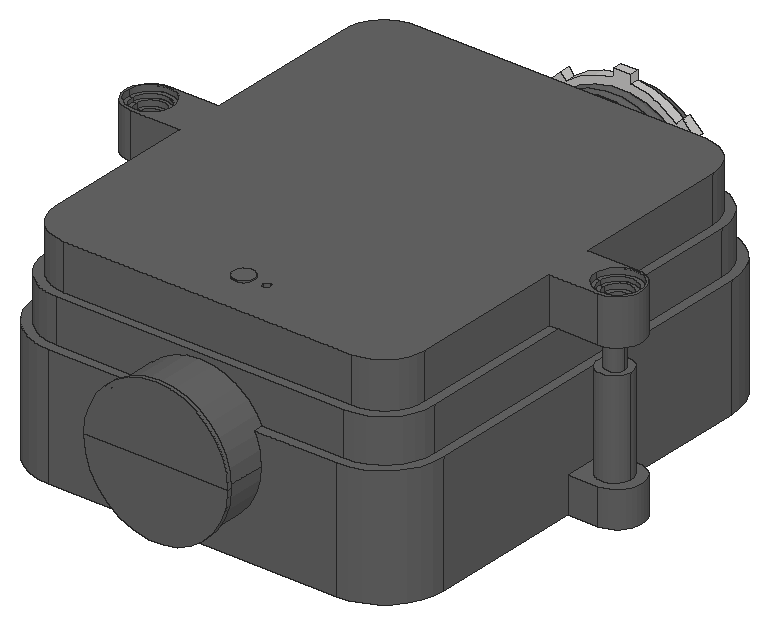
Revit family "MPSHD", category Communication Devices, host Face, Revit 2014
Parameters (values of type "MPSHD")
  Warranty = "5-Years Warranty"  # constant formula
  Type Comments = "Power Packs and Relays"  # constant formula
  Product Page URL = "https://www.hubbell.com/hubbellcontrolsolutions/en/Products/Lighting-Controls/Lighting-Controls-Sensors/Power-Packs-and-Controlled-Relays/MPSHD/p/2157868"
  Product Documentation Link = "https://hubbellcdn.com/specsheet/1604A_MPS_Auxiliary_Pack_4-6-17.pdf"
  URL = "https://www.hubbell.com/hubbellcontrolsolutions/en/"
  Model = "MPSHD"  # constant formula
  Manufacturer = "Hubbell Control Solutions"  # constant formula
  L = 5.26"
  Washer = Metal-Hubbell-Galvanized_Steel
  Features = "Plenum rated • Self-contained relay • MPSA uses electrically held normally open relay • MPSHD uses robust latching relay provides unsurpassed and unrestricted performance • 100-277VAC, 50/60Hz • Regulated 24 VDC current; 100 mA output • Easily mounts inside or outside a junction box; inside a fixture • UL and cUL listed • Five-year limited warranty • Manual On available in MPSHD model • Power Indicator light in MPSHD model • Zero Arc Point Switching"  # constant formula
  Description = "The MPS Auxiliary Pack is a self-contained transformer and relay (an ON/OFF switch\r\ncontrolled by a circuit) designed for low-voltage 24VDC occupancy sensors. "  # constant formula
  Default Elevation = 48.0"
  Create Date = "03/14/2019"
  Copyright = "Copyright © 2021 Hubbell Control Solutions"  # constant formula
  Contact Us = "https://www.hubbell.com/hubbellcontrolsolutions/en/contactUs"
  Housing Material = Paint - Hubbell - Carbon Black
  Certification = "UL and cUL Listed"  # constant formula
  Assembly Code = "D5090"
Reference planes (in)
  plane 1 "Center (Front/Back)": y = 13.01342
  plane 2: z = 0
  plane 3 "Center (Left/Right)": x = 0
  plane 4: x = -1.7
  plane 5: x = 1.7
  plane 6: y = 11.01342
  plane 7: y = 15.01342
Forms (in)
  Extrusion 1, solid, material "Paint - Hubbell - Carbon Black" <- "Housing Material"
    sketch origin (0, 0, 0) x (1, 0, 0) y (0, 1, 0)
      loop
        line (-1.2, 11.01342) -> (1.2, 11.01342)
        arc (1.2, 11.01342) -> (1.55355, 11.15987) -> (1.7, 11.51342) r 0.5
        line (1.7, 11.51342) -> (1.7, 14.51342)
        arc (1.7, 14.51342) -> (1.55355, 14.86697) -> (1.2, 15.01342) r 0.5
        line (1.2, 15.01342) -> (-1.2, 15.01342)
        arc (-1.2, 15.01342) -> (-1.55355, 14.86697) -> (-1.7, 14.51342) r 0.5
        line (-1.7, 14.51342) -> (-1.7, 11.51342)
        arc (-1.7, 11.51342) -> (-1.55355, 11.15987) -> (-1.2, 11.01342) r 0.5
    from 0 to 1
  Extrusion 2, solid, material "Paint - Hubbell - Carbon Black" <- "Housing Material"
    sketch origin (0, 0, 0) x (1, 0, 0) y (0, 1, 0)
      loop
        line (1.2, 14.93342) -> (-1.2, 14.93342)
        arc (-1.2, 14.93342) -> (-1.49698, 14.8104) -> (-1.62, 14.51342) r 0.42
        line (-1.62, 14.51342) -> (-1.62, 11.51342)
        arc (-1.62, 11.51342) -> (-1.49698, 11.21643) -> (-1.2, 11.09342) r 0.42
        line (-1.2, 11.09342) -> (1.2, 11.09342)
        arc (1.2, 11.09342) -> (1.49698, 11.21643) -> (1.62, 11.51342) r 0.42
        line (1.62, 11.51342) -> (1.62, 14.51342)
        arc (1.62, 14.51342) -> (1.49698, 14.8104) -> (1.2, 14.93342) r 0.42
    from 1 to 1.36
  Extrusion 3, solid, material "Paint - Hubbell - Carbon Black" <- "Housing Material"
    sketch origin (0, 0, 0) x (1, 0, 0) y (0, 1, 0)
      loop
        arc (-1.2, 14.85342) -> (-1.44042, 14.75384) -> (-1.54, 14.51342) r 0.34
        line (-1.54, 14.51342) -> (-1.54, 11.51342)
        arc (-1.54, 11.51342) -> (-1.44042, 11.273) -> (-1.2, 11.17342) r 0.34
        line (-1.2, 11.17342) -> (1.2, 11.17342)
        arc (1.2, 11.17342) -> (1.44042, 11.273) -> (1.54, 11.51342) r 0.34
        line (1.54, 11.51342) -> (1.54, 14.51342)
        arc (1.54, 14.51342) -> (1.44042, 14.75384) -> (1.2, 14.85342) r 0.34
        line (1.2, 14.85342) -> (-1.2, 14.85342)
    from 1.36 to 1.74
  Extrusion 4, solid, material "Paint - Hubbell - Carbon Black" <- "Housing Material"
    sketch origin (0, 0, 0) x (1, 0, 0) y (0, 1, 0)
      loop
        line (-1.7, 13.21215) -> (-1.95, 13.21215)
        arc (-1.95, 13.21215) -> (-2.15329, 13.00886) -> (-1.95, 12.80557) r 0.20329
        line (-1.95, 12.80557) -> (-1.7, 12.80557) -> (-1.7, 13.21215)
    from 0 to 0.3
  Extrusion 5, solid, material "Paint - Hubbell - Carbon Black" <- "Housing Material"
    sketch origin (0, 0, 0) x (1, 0, 0) y (0, 1, 0)
      loop
        circle (-1.92328, 13.01342) r 0.13663
    from 0.3 to 1.1
  Extrusion 6, solid, material "Paint - Hubbell - Carbon Black" <- "Housing Material"
    sketch origin (0, 0, 0) x (1, 0, 0) y (0, 1, 0)
      loop
        circle (-1.92508, 13.01342) r 0.08015
    from 1.1 to 1.36
  Extrusion 7, solid, material "Paint - Hubbell - Carbon Black" <- "Housing Material"
    sketch origin (0, 0, 1.5) x (0, -1, 0) y (1, 0, 0)
      loop
        line (-13.21215, -1.54375) -> (-13.21215, -1.95)
        arc (-13.21215, -1.95) -> (-13.00886, -2.15329) -> (-12.80557, -1.95) r 0.20329
        line (-12.80557, -1.95) -> (-12.80557, -1.54375) -> (-13.21215, -1.54375)
    from -0.14 to 0.24
  Revolve 8, void
    sketch origin (0, 13.01342, 0) x (1, 0, 0) y (0, 0, 1)
      loop
        line (-1.95, 1.74) -> (-1.95, 1.58381) -> (-1.87233, 1.58381) -> (-1.87233, 1.61974) -> (-1.83144, 1.61974) -> (-1.83144, 1.66063) -> (-1.79923, 1.66063) -> (-1.79923, 1.69284) -> (-1.76485, 1.69284) -> (-1.76485, 1.74) -> (-1.95, 1.74)
      axis (-1.95, 1.58381) -> (-1.95, 1.74)
    angle from 0 to 360
  Extrusion 9, solid, material "Paint - Hubbell - Carbon Black" <- "Housing Material"
    sketch origin (0, 0, 0) x (-1, 0, 0) y (0, -1, 0)
      loop
        line (-1.7, -13.21215) -> (-1.7, -12.80557) -> (-1.95, -12.80557)
        arc (-1.95, -12.80557) -> (-2.15329, -13.00886) -> (-1.95, -13.21215) r 0.20329
        line (-1.95, -13.21215) -> (-1.7, -13.21215)
    from 0 to 0.3
  Extrusion 10, solid, material "Paint - Hubbell - Carbon Black" <- "Housing Material"
    sketch origin (0, 0, 0) x (-1, 0, 0) y (0, -1, 0)
      loop
        circle (-1.92328, -13.01342) r 0.13663
    from 0.3 to 1.1
  Extrusion 11, solid, material "Paint - Hubbell - Carbon Black" <- "Housing Material"
    sketch origin (0, 0, 0) x (-1, 0, 0) y (0, -1, 0)
      loop
        circle (-1.92508, -13.01342) r 0.08015
    from 1.1 to 1.36
  Extrusion 12, solid, material "Paint - Hubbell - Carbon Black" <- "Housing Material"
    sketch origin (0, 0, 1.5) x (0, 1, 0) y (-1, 0, 0)
      loop
        line (13.21215, -1.54375) -> (12.80557, -1.54375) -> (12.80557, -1.95)
        arc (12.80557, -1.95) -> (13.00886, -2.15329) -> (13.21215, -1.95) r 0.20329
        line (13.21215, -1.95) -> (13.21215, -1.54375)
    from -0.14 to 0.24
  Revolve 13, void
    sketch origin (0, 13.01342, 0) x (-1, 0, 0) y (0, 0, 1)
      loop
        line (-1.95, 1.74) -> (-1.95, 1.58381) -> (-1.87233, 1.58381) -> (-1.87233, 1.61974) -> (-1.83144, 1.61974) -> (-1.83144, 1.66063) -> (-1.79923, 1.66063) -> (-1.79923, 1.69284) -> (-1.76485, 1.69284) -> (-1.76485, 1.74) -> (-1.95, 1.74)
      axis (-1.95, 1.58381) -> (-1.95, 1.74)
    angle from 0 to 360
  Extrusion 14, solid, material "Paint - Hubbell - Carbon Black" <- "Housing Material"
    sketch origin (0, 0, 0) x (1, 0, 0) y (0, 1, 0)
      loop
        circle (0, 11.54733) r 0.08596
    from 1.73 to 1.75
  Extrusion 15, void
    sketch origin (0, 0, 0) x (1, 0, 0) y (0, 1, 0)
      loop
        circle (0.19854, 11.54153) r 0.031
    from 1.5 to 1.75
  Revolve 16, solid, material "Paint - Hubbell - Carbon Black" <- "Housing Material"
    sketch origin (0, 0, 0.75) x (1, 0, 0) y (0, 1, 0)
      loop
        line (0, 14.93342) -> (0.75, 14.93342) -> (0.75, 15.04866) -> (0.6315, 15.04866)
        arc (0.6315, 15.04866) -> (0.66863, 15.0858) -> (0.6315, 15.12293) r 0.03714
        arc (0.6315, 15.12293) -> (0.66863, 15.16007) -> (0.6315, 15.1972) r 0.03714
        arc (0.6315, 15.1972) -> (0.66863, 15.23434) -> (0.6315, 15.27148) r 0.03714
        arc (0.6315, 15.27148) -> (0.66863, 15.30861) -> (0.6315, 15.34575) r 0.03714
        arc (0.6315, 15.34575) -> (0.66863, 15.38289) -> (0.6315, 15.42002) r 0.03714
        arc (0.6315, 15.42002) -> (0.66863, 15.45716) -> (0.6315, 15.4943) r 0.03714
        arc (0.6315, 15.4943) -> (0.66863, 15.53143) -> (0.6315, 15.56857) r 0.03714
        arc (0.6315, 15.56857) -> (0.66863, 15.6057) -> (0.6315, 15.64284) r 0.03714
        line (0.6315, 15.64284) -> (0.6315, 15.68785) -> (0, 15.68785) -> (0, 14.93342)
      axis (0, 15.68785) -> (0, 14.93342)
    angle from 0 to 360
  Revolve 17, solid, material "Paint - Hubbell - Carbon Black" <- "Housing Material"
    sketch origin (0, 0, 0.75) x (1, 0, 0) y (0, 1, 0)
      loop
        line (0, 11.18995) -> (0, 10.63047) -> (0.6012, 10.63047) -> (0.6012, 10.66147) -> (0.5702, 10.66147) -> (0.5702, 11.18995) -> (0, 11.18995)
      axis (0, 11.18995) -> (0, 10.63047)
    angle from 0 to 360
  Extrusion 18, solid, material "Metal-Hubbell-Galvanized_Steel" <- "Washer"
    sketch origin (0, 13.01342, 0) x (1, 0, 0) y (0, 0, 1)
      loop
        circle (0, 0.74794) r 0.65476
      loop
        line (0.72095, 0.67523) -> (0.79111, 0.67523)
        arc (0.79111, 0.67523) -> (0.79445, 0.74794) -> (0.79111, 0.82064) r 0.79445
        line (0.79111, 0.82064) -> (0.72095, 0.82064)
        arc (0.72095, 0.82064) -> (0.66945, 1.02523) -> (0.5612, 1.20631) r 0.72461
        line (0.5612, 1.20631) -> (0.61081, 1.25593)
        arc (0.61081, 1.25593) -> (0.56176, 1.3097) -> (0.50799, 1.35875) r 0.79445
        line (0.50799, 1.35875) -> (0.45838, 1.30914)
        arc (0.45838, 1.30914) -> (0.27729, 1.41738) -> (0.07271, 1.46888) r 0.72461
        line (0.07271, 1.46888) -> (0.07271, 1.53905)
        arc (0.07271, 1.53905) -> (0, 1.54238) -> (-0.07271, 1.53905) r 0.79445
        line (-0.07271, 1.53905) -> (-0.07271, 1.46888)
        arc (-0.07271, 1.46888) -> (-0.27729, 1.41738) -> (-0.45838, 1.30914) r 0.72461
        line (-0.45838, 1.30914) -> (-0.50799, 1.35875)
        arc (-0.50799, 1.35875) -> (-0.56176, 1.3097) -> (-0.61081, 1.25593) r 0.79445
        line (-0.61081, 1.25593) -> (-0.5612, 1.20631)
        arc (-0.5612, 1.20631) -> (-0.66945, 1.02523) -> (-0.72095, 0.82064) r 0.72461
        line (-0.72095, 0.82064) -> (-0.79111, 0.82064)
        arc (-0.79111, 0.82064) -> (-0.79445, 0.74794) -> (-0.79111, 0.67523) r 0.79445
        line (-0.79111, 0.67523) -> (-0.72095, 0.67523)
        arc (-0.72095, 0.67523) -> (-0.66945, 0.47064) -> (-0.5612, 0.28956) r 0.72461
        line (-0.5612, 0.28956) -> (-0.61081, 0.23995)
        arc (-0.61081, 0.23995) -> (-0.56176, 0.18618) -> (-0.50799, 0.13712) r 0.79445
        line (-0.50799, 0.13712) -> (-0.45838, 0.18674)
        arc (-0.45838, 0.18674) -> (-0.27729, 0.07849) -> (-0.07271, 0.02699) r 0.72461
        line (-0.07271, 0.02699) -> (-0.07271, -0.04318)
        arc (-0.07271, -0.04318) -> (0, -0.04651) -> (0.07271, -0.04318) r 0.79445
        line (0.07271, -0.04318) -> (0.07271, 0.02699)
        arc (0.07271, 0.02699) -> (0.27729, 0.07849) -> (0.45838, 0.18674) r 0.72461
        line (0.45838, 0.18674) -> (0.50799, 0.13712)
        arc (0.50799, 0.13712) -> (0.56176, 0.18618) -> (0.61081, 0.23995) r 0.79445
        line (0.61081, 0.23995) -> (0.5612, 0.28956)
        arc (0.5612, 0.28956) -> (0.66945, 0.47064) -> (0.72095, 0.67523) r 0.72461
    from -2.55515 to -2.48088
Cuts and joins
  Extrusion 15 cuts Extrusion 1
  Extrusion 15 cuts Extrusion 2
  Extrusion 15 cuts Extrusion 3
  Extrusion 15 cuts Extrusion 4
  Extrusion 15 cuts Extrusion 5
  Extrusion 15 cuts Extrusion 6
  Revolve 8, Revolve 13, Extrusion 15 cuts Extrusion 7
  Extrusion 15 cuts Extrusion 9
  Extrusion 15 cuts Extrusion 10
  Extrusion 15 cuts Extrusion 11
  Revolve 13, Extrusion 15 cuts Extrusion 12
  joined: Extrusion 1, Extrusion 2, Extrusion 3, Extrusion 4, Extrusion 5, Extrusion 6, Extrusion 7, Extrusion 9, Extrusion 10, Extrusion 11, Extrusion 12, Extrusion 14, Revolve 16, Revolve 17
Dimensions and locks (in)
  aligned and locked: plane 2 to host face
  aligned and locked: level to host face
Connectors (in)
  electrical at (1.1566, 13.01342, 1)
    settings: on cut or joined group of Extrusion 1, Extrusion 2, Extrusion 3, Extrusion 4, Extrusion 5, Extrusion 6, Extrusion 7, Revolve 8, Extrusion 9, Extrusion 10, Extrusion 11, Extrusion 12, Revolve 13, Extrusion 14, Extrusion 15, Revolve 16, Revolve 17, index 1, voltage 0 V, apparent load 0 VA, apparent load phase1 0 VA, apparent load phase2 0 VA, apparent load phase3 0 VA, power factor 1, load classification "Other", number of poles 1, system type 13, power factor state 1, is connector primary yes, connector utility no, sub classification motor no, connector description "POWER PACK"
